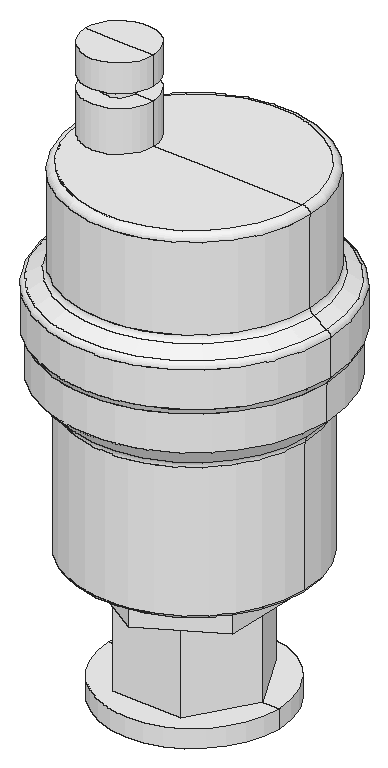
Revit family "_SSM-AV_RFA", category Pipe Accessories, Revit 2019
Family settings
  Round Connector Dimension = Use Diameter
  Part Type = Normal
  OmniClass Number = 23.65.55.14.17
  OmniClass Title = Adjusting/Controlling Valves for Liquid Services
  Work Plane-Based = No
  Always vertical = Yes
  Cut with Voids When Loaded = No
  Shared = Yes
Parameters (values of type "SSM-AV_088U0945")
  Valve Body Material = Danfoss Brass (Nickel plated)
  Model Type = "SSM-AV_Automatic airvent"
  Model = "088U0945"
  Manufacturer = "Danfoss"
  LOD 350 [instance] = not(LOD 200)  # yes
  LOD 200 [instance] = no
  IfcExportType = "SSM-AV"  # constant formula
  IfcExportAs = "IfcValveType"  # constant formula
  Description = "Accessories for Manifolds"
Reference planes
  plane 1 "Center (Front/Back)": y = 0
  plane 2: z = 0
  plane 3 "Center (Left/Right)": x = 0
  plane 4: x = 160.725
  plane 5: x = 149.57
Forms (mm)
  Revolve 1, solid, material "Danfoss Brass (Nickel plated)" <- "Valve Body Material", visible <- "LOD 350"
    sketch origin (0, 0, 0) x (1, 0, 0) y (0, 0, 1)
      loop
        line (0, 70.1) -> (0, 19.1) -> (15.5, 19.1)
        arc (15.5, 19.1) -> (15.962, 19.224) -> (16.3, 19.562) r 0.924
        line (16.3, 19.562) -> (16.3, 39.103)
        arc (16.3, 39.103) -> (16.391, 39.562) -> (16.651, 39.951) r 1.2
        line (16.651, 39.951) -> (19.5, 42.8) -> (19.5, 47.941) -> (20, 48.807) -> (20, 54.023)
        arc (20, 54.023) -> (19.866, 54.523) -> (19.5, 54.889) r 1
        line (19.5, 54.889) -> (17.5, 56.043)
        arc (17.5, 56.043) -> (17.134, 56.409) -> (17, 56.909) r 1
        line (17, 56.909) -> (17, 69.1)
        arc (17, 69.1) -> (16.707, 69.807) -> (16, 70.1) r 1
        line (16, 70.1) -> (0, 70.1)
      axis (0, 19.1) -> (0, 70.1)
    angle from 0 to 360
  Revolve 2, solid, material "Danfoss Brass (Nickel plated)" <- "Valve Body Material", visible <- "LOD 350"
    sketch origin (0, 0, 0) x (1, 0, 0) y (0, 0, 1)
      loop
        line (0, 0) -> (12.5, 0) -> (12.5, 2.599) -> (0, 2.599) -> (0, 0)
      axis (0, 0) -> (0, 2.599)
    angle from 0 to 360
  Revolve 3, solid, material "Danfoss Brass (Nickel plated)" <- "Valve Body Material", visible <- "LOD 350"
    sketch origin (-11, 0, 0) x (1, 0, 0) y (0, 0, 1)
      loop
        line (0, 70.1) -> (5, 70.1) -> (5, 76.1) -> (2.4, 76.1) -> (2.4, 78.1) -> (5, 78.1) -> (5, 82.1) -> (0, 82.1) -> (0, 70.1)
      axis (0, 70.1) -> (0, 82.1)
    angle from 0 to 360
  Extrusion 4, solid, material "Danfoss Brass (Nickel plated)" <- "Valve Body Material", visible <- "LOD 350"
    sketch origin (0, 0, 0) x (1, 0, 0) y (0, 1, 0)
      loop
        line (5, 8.66) -> (-5, 8.66) -> (-10, 0) -> (-5, -8.66) -> (5, -8.66) -> (10, 0) -> (5, 8.66)
    from 2.599 to 14.3
  Extrusion 5, solid, material "Danfoss Brass (Nickel plated)" <- "Valve Body Material", visible <- "LOD 350"
    sketch origin (0, 0, 0) x (1, 0, 0) y (0, 1, 0)
      loop
        line (0, 12) -> (-10.392, 6) -> (-10.392, -6) -> (0, -12) -> (10.392, -6) -> (10.392, 6) -> (0, 12)
    from 14.3 to 19.1
  Revolve 6, solid, material "Danfoss Brass (Nickel plated)" <- "Valve Body Material", visible <- "LOD 200"
    sketch origin (0, 0, 0) x (1, 0, 0) y (0, 0, 1)
      loop
        line (0, 70.1) -> (0, 0) -> (17, 0) -> (17, 69.1)
        arc (17, 69.1) -> (16.707, 69.807) -> (16, 70.1) r 1
        line (16, 70.1) -> (0, 70.1)
      axis (0, 0) -> (0, 70.1)
    angle from 0 to 360
  Revolve 7, solid, material "Danfoss Brass (Nickel plated)" <- "Valve Body Material", visible <- "LOD 200"
    sketch origin (-11, 0, 0) x (1, 0, 0) y (0, 0, 1)
      loop
        line (0, 70.1) -> (5, 70.1) -> (5, 76.1) -> (5, 82.1) -> (0, 82.1) -> (0, 70.1)
      axis (0, 70.1) -> (0, 82.1)
    angle from 0 to 360
Dimensions and locks
  aligned and locked: level to plane 2
